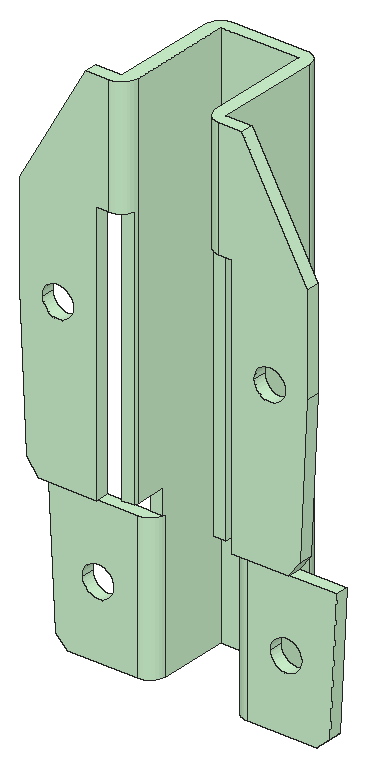
Revit family "channel-cap", category 機械設備, Revit 2022
Family settings
  丸型コネクタ寸法 = 直径を使用
  種別 = なし
  パーツ タイプ = 標準
  作業面ベース = いいえ
  常に垂直 = はい
  ロード時にボイドで切り取り = いいえ
  注釈の向きを維持 = いいえ
  共有 = いいえ
  部屋計算ポイント = いいえ
Parameters
  製造元 = "株式会社桐井製作所"
  既定の高さ = 0 mm
  URL = "https://www.kirii.co.jp/"
  K_品名 = "チャンネルキャップ"
  K_名称 = "チャンネルキャップ"
  K_バージョン情報 = "20211216"
Reference planes
  plane 1 "中心(正面/背面)": y = 0
  plane 2: z = 0
  plane 3 "中心(左/右)": x = 0
Forms (mm)
  Extrusion 1, solid
    sketch origin (0, 0, 0) x (1, 0, 0) y (0, 1, 0)
      loop
        line (6.6, 0) -> (6.6, 13.2)
        arc (6.6, 13.2) -> (6.014, 14.614) -> (4.6, 15.2) r 2
        line (4.6, 15.2) -> (-4.6, 15.2)
        arc (-4.6, 15.2) -> (-6.014, 14.614) -> (-6.6, 13.2) r 2
        line (-6.6, 13.2) -> (-6.6, 0) -> (-18.3, 0) -> (-18.3, -1.6) -> (-7, -1.6)
        arc (-7, -1.6) -> (-5.586, -1.014) -> (-5, 0.4) r 2
        line (-5, 0.4) -> (-5, 13.6) -> (5, 13.6) -> (5, 0.4)
        arc (5, 0.4) -> (5.586, -1.014) -> (7, -1.6) r 2
        line (7, -1.6) -> (18.3, -1.6) -> (18.3, 0) -> (6.6, 0)
    from 18.4 to 70
  Extrusion 2, void
    sketch origin (0, 0, 0) x (1, 0, 0) y (0, 0, 1)
      loop
        line (-9.9, 70) -> (-18.3, 70) -> (-18.3, 55) -> (-9.9, 70)
      loop
        line (18.3, 55) -> (18.3, 70) -> (9.9, 70) -> (18.3, 55)
      loop
        line (-8.6, 21.6) -> (-15.875, 21.6) -> (-17.4, 23.6) -> (-18.3, 42.5) -> (-18.3, 0) -> (-4.085, 0) -> (-4.085, 55) -> (-8.6, 55) -> (-8.6, 21.6)
      loop
        line (4.025, 55) -> (4.025, 0) -> (18.3, 0) -> (18.3, 42.5) -> (17.4, 23.6) -> (15.875, 21.6) -> (8.6, 21.6) -> (8.6, 55) -> (4.025, 55)
    from 0 to 1.6
  Extrusion 3, solid
    sketch origin (0, 0, 0) x (1, 0, 0) y (0, 1, 0)
      loop
        arc (-4.6, 15.2) -> (-6.014, 14.614) -> (-6.6, 13.2) r 2
        line (-6.6, 13.2) -> (-6.6, 4.5) -> (-18.3, 4.5) -> (-18.3, 2.9) -> (-7, 2.9)
        arc (-7, 2.9) -> (-5.586, 3.486) -> (-5, 4.9) r 2
        line (-5, 4.9) -> (-5, 13.6) -> (5, 13.6) -> (5, 4.9)
        arc (5, 4.9) -> (5.586, 3.486) -> (7, 2.9) r 2
        line (7, 2.9) -> (18.3, 2.9) -> (18.3, 4.5) -> (6.6, 4.5) -> (6.6, 13.2)
        arc (6.6, 13.2) -> (6.014, 14.614) -> (4.6, 15.2) r 2
        line (4.6, 15.2) -> (-4.6, 15.2)
    from 0 to 18.4
  Extrusion 4, void
    sketch origin (0, 0, 0) x (1, 0, 0) y (0, 0, 1)
      loop
        line (-18.3, 18.4) -> (-18.3, 0) -> (-15.8, 0) -> (-17.382, 1.5) -> (-18.3, 18.4)
      loop
        line (17.382, 1.5) -> (15.8, 0) -> (18.3, 0) -> (18.3, 18.4) -> (17.382, 1.5)
    from -4.5 to -2.9
  Extrusion 5, void
    sketch origin (0, 0, 0) x (0, 1, 0) y (0, 0, 1)
      loop
        line (0, 18.4) -> (4.509, 18.4) -> (4.509, 21.611) -> (0, 21.611) -> (0, 18.4)
    from 4.025 to 6.6
  Extrusion 6, void
    sketch origin (0, 0, 0) x (0, 1, 0) y (0, 0, -1)
      loop
        line (0, -18.4) -> (0, -21.611) -> (4.509, -21.611) -> (4.509, -18.4) -> (0, -18.4)
    from 4.025 to 6.6
  Extrusion 7, void
    sketch origin (0, 0, 0) x (1, 0, 0) y (0, 0, 1)
      loop
        circle (-11.95, 9.2) r 2
      loop
        circle (11.95, 9.2) r 2
    from -4.5 to -2.9
  Extrusion 8, void
    sketch origin (0, 0, 0) x (1, 0, 0) y (0, 0, 1)
      loop
        circle (-13.45, 42.5) r 2
      loop
        circle (13.45, 42.5) r 2
    from 0 to 1.6
Cuts and joins
  Extrusion 2, Extrusion 4, Extrusion 5, Extrusion 6, Extrusion 8 cuts Extrusion 1
  Extrusion 4, Extrusion 5, Extrusion 6, Extrusion 7, Extrusion 8 cuts Extrusion 3
  joined: Extrusion 1, Extrusion 3
Dimensions and locks
  aligned and locked: level to plane 2
